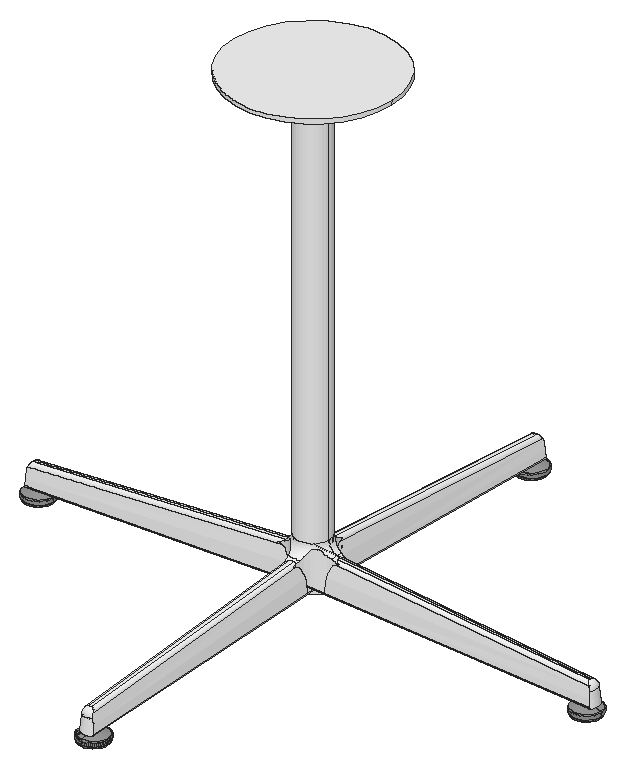
Revit family "FU_Table Base_Sandler_Elix 9-2", category Furniture, Revit 2020
Family settings
  OmniClass Number = 23.40.20.00
  OmniClass Title = General Furniture and Specialties
  Work Plane-Based = No
  Always vertical = Yes
  Cut with Voids When Loaded = No
  Shared = No
  Room Calculation Point = No
Parameters (values of type "Elix 9.2")
  Width = 880 mm
  URL = "https://www.sandlerseating.com/product/elix-9-2/"
  Model = "Elix 9.2"
  Manufacturer = "Sandler"
  Height = 730 mm
  Description = "Table base with central column in steel tube and 4 spoke base made of cast aluminum alloy. Height 73cm (28.7″)"
  Depth = 880 mm
  Default Elevation = 0 mm
  Base [instance] = Epoxy - M1_W01 - White
Reference planes
  plane 1 "Center (Front/Back)": y = 0
  plane 2: z = 0
  plane 3 "Center (Left/Right)": x = 0
  plane 4 "Right": x = -440
  plane 5 "Left": x = 440
  plane 6 "Back": y = 440
  plane 7 "Front": y = -440
  plane 8 "Height": z = 730
  plane 9 "Top Support Base FRONT": z = 724
  plane 10 "Column Base FRONT": z = 30
Forms (mm)
  Revolve 1, solid, material "Rubber, Black"
    sketch origin (0, 0, 0) x (1, 0, 0) y (0, 0, 1)
      loop
        line (410.594, 13.752) -> (395.25, 8.808)
        arc (395.25, 8.808) -> (394.744, 8.442) -> (394.55, 7.848) r 1.009
        line (394.55, 7.848) -> (394.55, 3.083) -> (395.363, 3.083) -> (395.363, 0.508)
        arc (395.363, 0.508) -> (395.512, 0.149) -> (395.872, 0) r 0.508
        line (395.872, 0) -> (416.86, 0) -> (416.86, 17.876) -> (413.727, 17.876) -> (413.727, 13.752) -> (410.594, 13.752)
      axis (416.86, 17.876) -> (416.86, 0)
    angle from 0 to 360
  SweptBlend 2, solid, material "Epoxy - M1_W01 - White" <- "Base"
    path origin (0, 0, 0) x (0, 1, 0) y (0, 0, 1)
      loop
        line (0, 30.809) -> (440, 13.61)
    profile "Pro_Elix_leg 01 : Pro_Elix_leg 01" origin (0, 0, 30.809) x (0, 0.039059, 0.999237) y (1, 0, 0)
      loop
        line (0, 10.812) -> (0, -10.831)
        arc (0, -10.831) -> (0.601, -12.24) -> (2.035, -12.78) r 1.951
        arc (2.035, -12.78) -> (24.003, -11.524) -> (45.777, -8.35) r 251.335
        arc (45.777, -8.35) -> (48.704, -6.451) -> (50.036, -3.226) r 5.871
        arc (50.036, -3.226) -> (50.226, 0) -> (50.036, 3.226) r 27.435
        arc (50.036, 3.226) -> (48.358, 6.831) -> (44.768, 8.541) r 5.871
        arc (44.768, 8.541) -> (23.494, 11.575) -> (2.038, 12.78) r 251.335
        arc (2.038, 12.78) -> (0.601, 12.229) -> (0, 10.812) r 1.97
    end profile "Pro_Elix_leg 02 : Pro_Elix_leg 02" origin (0, 440, 13.61) x (0, 0.039059, 0.999237) y (1, 0, 0)
      loop
        arc (2.027, 10.201) -> (0.598, 9.653) -> (0, 8.245) r 1.957
        line (0, 8.245) -> (0, -8.201)
        arc (0, -8.201) -> (0.611, -9.64) -> (2.071, -10.199) r 2
        arc (2.071, -10.199) -> (15.038, -9.327) -> (27.923, -7.64) r 206.561
        arc (27.923, -7.64) -> (31.401, -5.74) -> (32.922, -2.08) r 5.969
        arc (32.922, -2.08) -> (32.981, -0.031) -> (32.93, 2.02) r 38.231
        arc (32.93, 2.02) -> (31.402, 5.723) -> (27.889, 7.646) r 6.016
        arc (27.889, 7.646) -> (14.998, 9.331) -> (2.027, 10.201) r 206.561
  Sweep 3, void
    path origin (0, 0, 0) x (0, 1, 0) y (0, 0, 1)
      loop
        line (432.168, 12.166) -> (430.049, 36.382)
        arc (430.049, 36.382) -> (426.614, 44.752) -> (418.432, 48.611) r 12.5
    profile "Pro_edgeCut_20mm : Pro_edgeCut_20mm" origin (0, 431.109, 24.274) x (0, -0.996195, -0.087155) y (1, 0, 0)
      loop
        line (-19, 20) -> (-19, -20) -> (5.142, -14.142)
        arc (5.142, -14.142) -> (-0.716, 0) -> (5.142, 14.142) r 20
        line (5.142, 14.142) -> (-19, 20)
  Revolve 4, solid, material "Rubber, Black"
    sketch origin (0, 0, 0) x (-1, 0, 0) y (0, 0, 1)
      loop
        line (410.594, 13.752) -> (395.25, 8.808)
        arc (395.25, 8.808) -> (394.744, 8.442) -> (394.55, 7.848) r 1.009
        line (394.55, 7.848) -> (394.55, 3.083) -> (395.363, 3.083) -> (395.363, 0.508)
        arc (395.363, 0.508) -> (395.512, 0.149) -> (395.872, 0) r 0.508
        line (395.872, 0) -> (416.86, 0) -> (416.86, 17.876) -> (413.727, 17.876) -> (413.727, 13.752) -> (410.594, 13.752)
      axis (416.86, 17.876) -> (416.86, 0)
    angle from 0 to 360
  Revolve 5, solid, material "Rubber, Black"
    sketch origin (0, 0, 0) x (0, 1, 0) y (0, 0, 1)
      loop
        line (410.594, 13.752) -> (395.25, 8.808)
        arc (395.25, 8.808) -> (394.744, 8.442) -> (394.55, 7.848) r 1.009
        line (394.55, 7.848) -> (394.55, 3.083) -> (395.363, 3.083) -> (395.363, 0.508)
        arc (395.363, 0.508) -> (395.512, 0.149) -> (395.872, 0) r 0.508
        line (395.872, 0) -> (416.86, 0) -> (416.86, 17.876) -> (413.727, 17.876) -> (413.727, 13.752) -> (410.594, 13.752)
      axis (416.86, 17.876) -> (416.86, 0)
    angle from 0 to 360
  Revolve 6, solid, material "Rubber, Black"
    sketch origin (0, 0, 0) x (0, -1, 0) y (0, 0, -1)
      loop
        line (410.594, -13.752) -> (413.727, -13.752) -> (413.727, -17.876) -> (416.86, -17.876) -> (416.86, 0) -> (395.872, 0)
        arc (395.872, 0) -> (395.512, -0.149) -> (395.363, -0.508) r 0.508
        line (395.363, -0.508) -> (395.363, -3.083) -> (394.55, -3.083) -> (394.55, -7.848)
        arc (394.55, -7.848) -> (394.744, -8.442) -> (395.25, -8.808) r 1.009
        line (395.25, -8.808) -> (410.594, -13.752)
      axis (416.86, -17.876) -> (416.86, 0)
    angle from 0 to 360
  SweptBlend 7, solid, material "Epoxy - M1_W01 - White" <- "Base"
    path origin (-0.019, 0, 0) x (0.000042, -1, 0) y (0, 0, 1)
      loop
        line (0, 30.809) -> (440, 13.61)
    profile "Pro_Elix_leg 01 : Pro_Elix_leg 01" origin (-0.019, 0, 30.809) x (0.000002, -0.039059, 0.999237) y (-1, -0.000042, 0)
      loop
        line (0, 10.812) -> (0, -10.831)
        arc (0, -10.831) -> (0.601, -12.24) -> (2.035, -12.78) r 1.951
        arc (2.035, -12.78) -> (24.003, -11.524) -> (45.777, -8.35) r 251.335
        arc (45.777, -8.35) -> (48.704, -6.451) -> (50.036, -3.226) r 5.871
        arc (50.036, -3.226) -> (50.226, 0) -> (50.036, 3.226) r 27.435
        arc (50.036, 3.226) -> (48.358, 6.831) -> (44.768, 8.541) r 5.871
        arc (44.768, 8.541) -> (23.494, 11.575) -> (2.038, 12.78) r 251.335
        arc (2.038, 12.78) -> (0.601, 12.229) -> (0, 10.812) r 1.97
    end profile "Pro_Elix_leg 02 : Pro_Elix_leg 02" origin (-0.001, -440, 13.61) x (0.000002, -0.039059, 0.999237) y (-1, -0.000042, 0)
      loop
        arc (2.027, 10.201) -> (0.598, 9.653) -> (0, 8.245) r 1.957
        line (0, 8.245) -> (0, -8.201)
        arc (0, -8.201) -> (0.611, -9.64) -> (2.071, -10.199) r 2
        arc (2.071, -10.199) -> (15.038, -9.327) -> (27.923, -7.64) r 206.561
        arc (27.923, -7.64) -> (31.401, -5.74) -> (32.922, -2.08) r 5.969
        arc (32.922, -2.08) -> (32.981, -0.031) -> (32.93, 2.02) r 38.231
        arc (32.93, 2.02) -> (31.402, 5.723) -> (27.889, 7.646) r 6.016
        arc (27.889, 7.646) -> (14.998, 9.331) -> (2.027, 10.201) r 206.561
  Sweep 8, void
    path origin (-0.019, 0, 0) x (0.000042, -1, 0) y (0, 0, 1)
      loop
        line (432.168, 12.166) -> (430.049, 36.382)
        arc (430.049, 36.382) -> (426.614, 44.752) -> (418.432, 48.611) r 12.5
    profile "Pro_edgeCut_20mm : Pro_edgeCut_20mm" origin (-0.001, -431.109, 24.274) x (-0.000042, 0.996195, -0.087155) y (-1, -0.000042, 0)
      loop
        line (-19, 20) -> (-19, -20) -> (5.142, -14.142)
        arc (5.142, -14.142) -> (-0.716, 0) -> (5.142, 14.142) r 20
        line (5.142, 14.142) -> (-19, 20)
  Revolve 9, solid, material "Rubber, Black"
    sketch origin (-0.019, 0, 0) x (0.000042, -1, 0) y (0, 0, 1)
      loop
        line (410.594, 13.752) -> (395.25, 8.808)
        arc (395.25, 8.808) -> (394.744, 8.442) -> (394.55, 7.848) r 1.009
        line (394.55, 7.848) -> (394.55, 3.083) -> (395.363, 3.083) -> (395.363, 0.508)
        arc (395.363, 0.508) -> (395.512, 0.149) -> (395.872, 0) r 0.508
        line (395.872, 0) -> (416.86, 0) -> (416.86, 17.876) -> (413.727, 17.876) -> (413.727, 13.752) -> (410.594, 13.752)
      axis (416.86, 17.876) -> (416.86, 0)
    angle from 0 to 360
  SweptBlend 10, solid, material "Epoxy - M1_W01 - White" <- "Base"
    path origin (0, -0.001, 0) x (1, -0.000001, 0) y (0, 0, 1)
      loop
        line (0, 30.809) -> (440, 13.61)
    profile "Pro_Elix_leg 01 : Pro_Elix_leg 01" origin (0, -0.001, 30.809) x (0.039059, 0, 0.999237) y (-0.000001, -1, 0)
      loop
        line (0, 10.812) -> (0, -10.831)
        arc (0, -10.831) -> (0.601, -12.24) -> (2.035, -12.78) r 1.951
        arc (2.035, -12.78) -> (24.003, -11.524) -> (45.777, -8.35) r 251.335
        arc (45.777, -8.35) -> (48.704, -6.451) -> (50.036, -3.226) r 5.871
        arc (50.036, -3.226) -> (50.226, 0) -> (50.036, 3.226) r 27.435
        arc (50.036, 3.226) -> (48.358, 6.831) -> (44.768, 8.541) r 5.871
        arc (44.768, 8.541) -> (23.494, 11.575) -> (2.038, 12.78) r 251.335
        arc (2.038, 12.78) -> (0.601, 12.229) -> (0, 10.812) r 1.97
    end profile "Pro_Elix_leg 02 : Pro_Elix_leg 02" origin (440, -0.002, 13.61) x (0.039059, 0, 0.999237) y (-0.000001, -1, 0)
      loop
        arc (2.027, 10.201) -> (0.598, 9.653) -> (0, 8.245) r 1.957
        line (0, 8.245) -> (0, -8.201)
        arc (0, -8.201) -> (0.611, -9.64) -> (2.071, -10.199) r 2
        arc (2.071, -10.199) -> (15.038, -9.327) -> (27.923, -7.64) r 206.561
        arc (27.923, -7.64) -> (31.401, -5.74) -> (32.922, -2.08) r 5.969
        arc (32.922, -2.08) -> (32.981, -0.031) -> (32.93, 2.02) r 38.231
        arc (32.93, 2.02) -> (31.402, 5.723) -> (27.889, 7.646) r 6.016
        arc (27.889, 7.646) -> (14.998, 9.331) -> (2.027, 10.201) r 206.561
  Sweep 11, void
    path origin (0, -0.001, 0) x (1, -0.000001, 0) y (0, 0, 1)
      loop
        line (432.168, 12.166) -> (430.049, 36.382)
        arc (430.049, 36.382) -> (426.614, 44.752) -> (418.432, 48.611) r 12.5
    profile "Pro_edgeCut_20mm : Pro_edgeCut_20mm" origin (431.108, -0.002, 24.274) x (-0.996195, 0.000001, -0.087155) y (-0.000001, -1, 0)
      loop
        line (-19, 20) -> (-19, -20) -> (5.142, -14.142)
        arc (5.142, -14.142) -> (-0.716, 0) -> (5.142, 14.142) r 20
        line (5.142, 14.142) -> (-19, 20)
  SweptBlend 12, solid, material "Epoxy - M1_W01 - White" <- "Base"
    path origin (0, 0.018, 0) x (-1, -0.000041, 0) y (0, 0, 1)
      loop
        line (0, 30.809) -> (440, 13.61)
    profile "Pro_Elix_leg 01 : Pro_Elix_leg 01" origin (0, 0.018, 30.809) x (-0.039059, -0.000002, 0.999237) y (-0.000041, 1, 0)
      loop
        line (0, 10.812) -> (0, -10.831)
        arc (0, -10.831) -> (0.601, -12.24) -> (2.035, -12.78) r 1.951
        arc (2.035, -12.78) -> (24.003, -11.524) -> (45.777, -8.35) r 251.335
        arc (45.777, -8.35) -> (48.704, -6.451) -> (50.036, -3.226) r 5.871
        arc (50.036, -3.226) -> (50.226, 0) -> (50.036, 3.226) r 27.435
        arc (50.036, 3.226) -> (48.358, 6.831) -> (44.768, 8.541) r 5.871
        arc (44.768, 8.541) -> (23.494, 11.575) -> (2.038, 12.78) r 251.335
        arc (2.038, 12.78) -> (0.601, 12.229) -> (0, 10.812) r 1.97
    end profile "Pro_Elix_leg 02 : Pro_Elix_leg 02" origin (-440, 0, 13.61) x (-0.039059, -0.000002, 0.999237) y (-0.000041, 1, 0)
      loop
        arc (2.027, 10.201) -> (0.598, 9.653) -> (0, 8.245) r 1.957
        line (0, 8.245) -> (0, -8.201)
        arc (0, -8.201) -> (0.611, -9.64) -> (2.071, -10.199) r 2
        arc (2.071, -10.199) -> (15.038, -9.327) -> (27.923, -7.64) r 206.561
        arc (27.923, -7.64) -> (31.401, -5.74) -> (32.922, -2.08) r 5.969
        arc (32.922, -2.08) -> (32.981, -0.031) -> (32.93, 2.02) r 38.231
        arc (32.93, 2.02) -> (31.402, 5.723) -> (27.889, 7.646) r 6.016
        arc (27.889, 7.646) -> (14.998, 9.331) -> (2.027, 10.201) r 206.561
  Sweep 13, void
    path origin (0, 0.018, 0) x (-1, -0.000041, 0) y (0, 0, 1)
      loop
        line (432.168, 12.166) -> (430.049, 36.382)
        arc (430.049, 36.382) -> (426.614, 44.752) -> (418.432, 48.611) r 12.5
    profile "Pro_edgeCut_20mm : Pro_edgeCut_20mm" origin (-431.109, 0, 24.274) x (0.996195, 0.000041, -0.087155) y (-0.000041, 1, 0)
      loop
        line (-19, 20) -> (-19, -20) -> (5.142, -14.142)
        arc (5.142, -14.142) -> (-0.716, 0) -> (5.142, 14.142) r 20
        line (5.142, 14.142) -> (-19, 20)
  Revolve 14, void
    sketch origin (0, 0, 0) x (1, 0, 0) y (0, 0, 1)
      loop
        line (36.075, 79.65) -> (64.504, 65) -> (75.234, 65) -> (75.234, 117.419) -> (45.234, 117.419)
        arc (45.234, 117.419) -> (25.803, 102.136) -> (36.075, 79.65) r 19.995
      axis (0, 117.419) -> (0, 65)
    angle from 0 to 360
  Extrusion 15, solid, material "Epoxy - M1_W01 - White" <- "Base"
    sketch origin (0, 0, 0) x (1, 0, 0) y (0, 1, 0)
      loop
        arc (-43.388, 8) -> (-51.388, 0) -> (-43.388, -8) r 8
        arc (-43.388, -8) -> (-18.365, -18.365) -> (-8, -43.388) r 35.388
        arc (-8, -43.388) -> (0, -51.388) -> (8, -43.388) r 8
        arc (8, -43.388) -> (18.365, -18.365) -> (43.388, -8) r 35.388
        arc (43.388, -8) -> (51.388, 0) -> (43.388, 8) r 8
        arc (43.388, 8) -> (18.365, 18.365) -> (8, 43.388) r 35.388
        arc (8, 43.388) -> (0, 51.388) -> (-8, 43.388) r 8
        arc (-8, 43.388) -> (-18.365, 18.365) -> (-43.388, 8) r 35.388
    from 30.809 to 97.929
  Extrusion 16, solid, material "Epoxy - M1_W01 - White" <- "Base"
    sketch origin (0, 0, 0) x (1, 0, 0) y (0, 1, 0)
      loop
        circle (-0.01, 0) r 25
    from 30 to 724
  Extrusion 17, solid, material "Epoxy - M1_W01 - White" <- "Base"
    sketch origin (0, 0, 724) x (-1, 0, 0) y (0, -1, 0)
      loop
        circle (0.01, 0) r 120
    from 0 to 6
Cuts and joins
  Sweep 3, Sweep 8, Sweep 11 cuts SweptBlend 2
  Sweep 8, Sweep 13 cuts SweptBlend 7
  Sweep 11 cuts SweptBlend 10
  Sweep 13 cuts SweptBlend 12
  Revolve 14 cuts Extrusion 15
Dimensions and locks
  equal spacing: plane 4 "Right", plane 3 "Center (Left/Right)", plane 5 "Left"
  "Width": plane 4 "Right" to plane 5 "Left"
  equal spacing: plane 6 "Back", plane 1 "Center (Front/Back)", plane 7 "Front"
  "Depth": plane 6 "Back" to plane 7 "Front"
  "Height": plane 8 "Height" to level
  locked: plane 8 "Height" to plane 9 "Top Support Base FRONT" at 6
  locked: plane 10 "Column Base FRONT" to level at 30
  aligned and locked: level to plane 2
  aligned and locked: Extrusion 16 to plane 10 "Column Base FRONT"
  aligned and locked: plane 9 "Top Support Base FRONT" to Extrusion 16
  aligned and locked: Extrusion 17 to plane 9 "Top Support Base FRONT"
  aligned and locked: plane 8 "Height" to Extrusion 17
Automatic sketch dimensions
  Revolve 1 sketch curve to level = 0 mm  (x2)
  level to Revolve 1 sketch curve = 3.083 mm
  plane 5 "Left" to Revolve 1 sketch curve = 45.45 mm
  level to Revolve 1 sketch curve = 8.808 mm
  Revolve 1 sketch curve to Revolve 1 sketch curve = 0.7 mm
  level to Revolve 1 sketch curve = 0.508 mm
  Revolve 1 sketch curve to Revolve 1 sketch curve = 0.813 mm
  Revolve 1 sketch curve to Revolve 1 sketch curve = 1.009 mm
  level to Revolve 1 sketch curve = 13.752 mm
  Revolve 1 sketch curve to Revolve 1 sketch curve = 15.344 mm
  Revolve 1 sketch curve to Revolve 1 sketch curve = 3.133 mm  (x2)
  Revolve 1 sketch curve to Revolve 1 sketch curve = 4.124 mm
  Revolve 1 sketch curve to Revolve 1 sketch curve = 0 mm  (x2)
  SweptBlend 2 sketch curve to plane 1 "Center (Front/Back)" = 0 mm
  SweptBlend 2 sketch curve to plane 6 "Back" = 0 mm
  level to SweptBlend 2 sketch curve = 13.61 mm
  level to SweptBlend 2 sketch curve = 30.809 mm
  Sweep 3 sketch curve to plane 6 "Back" = 22.448 mm
  Sweep 3 sketch curve to plane 6 "Back" = 9.951 mm
  level to Sweep 3 sketch curve = 36.142 mm
  Sweep 3 sketch curve to Sweep 3 sketch curve = 0.239 mm
  Sweep 3 sketch curve to Sweep 3 sketch curve = 0.88 mm
  Sweep 3 sketch curve to plane 6 "Back" = 7.832 mm
  level to Sweep 3 sketch curve = 12.166 mm
  Revolve 4 sketch curve to level = 0 mm  (x2)
  Revolve 4 sketch curve to level = 3.083 mm
  plane 4 "Right" to Revolve 4 sketch curve = 45.45 mm
  Revolve 4 sketch curve to level = 8.808 mm
  Revolve 4 sketch curve to Revolve 4 sketch curve = 0.7 mm
  Revolve 4 sketch curve to level = 0.508 mm
  Revolve 4 sketch curve to Revolve 4 sketch curve = 0.813 mm
  Revolve 4 sketch curve to Revolve 4 sketch curve = 1.009 mm
  Revolve 4 sketch curve to level = 13.752 mm
  Revolve 4 sketch curve to Revolve 4 sketch curve = 15.344 mm
  Revolve 4 sketch curve to Revolve 4 sketch curve = 3.133 mm  (x2)
  Revolve 4 sketch curve to Revolve 4 sketch curve = 4.124 mm
  Revolve 4 sketch curve to Revolve 4 sketch curve = 0 mm  (x2)
  Revolve 5 sketch curve to level = 0 mm  (x2)
  level to Revolve 5 sketch curve = 3.083 mm
  Revolve 5 sketch curve to plane 6 "Back" = 45.45 mm
  level to Revolve 5 sketch curve = 8.808 mm
  Revolve 5 sketch curve to Revolve 5 sketch curve = 0.7 mm
  level to Revolve 5 sketch curve = 0.508 mm
  Revolve 5 sketch curve to Revolve 5 sketch curve = 0.813 mm
  Revolve 5 sketch curve to Revolve 5 sketch curve = 1.009 mm
  level to Revolve 5 sketch curve = 13.752 mm
  Revolve 5 sketch curve to Revolve 5 sketch curve = 15.344 mm
  Revolve 5 sketch curve to Revolve 5 sketch curve = 3.133 mm  (x2)
  Revolve 5 sketch curve to Revolve 5 sketch curve = 4.124 mm
  Revolve 5 sketch curve to Revolve 5 sketch curve = 0 mm  (x2)
  Revolve 6 sketch curve to level = 0 mm  (x2)
  level to Revolve 6 sketch curve = 3.083 mm
  plane 7 "Front" to Revolve 6 sketch curve = 45.45 mm
  level to Revolve 6 sketch curve = 8.808 mm
  Revolve 6 sketch curve to Revolve 6 sketch curve = 0.7 mm
  level to Revolve 6 sketch curve = 0.508 mm
  Revolve 6 sketch curve to Revolve 6 sketch curve = 0.813 mm
  Revolve 6 sketch curve to Revolve 6 sketch curve = 1.009 mm
  level to Revolve 6 sketch curve = 13.752 mm
  Revolve 6 sketch curve to Revolve 6 sketch curve = 15.344 mm
  Revolve 6 sketch curve to Revolve 6 sketch curve = 3.133 mm  (x2)
  Revolve 6 sketch curve to Revolve 6 sketch curve = 4.124 mm
  Revolve 6 sketch curve to Revolve 6 sketch curve = 0 mm  (x2)
  level to SweptBlend 7 sketch curve = 30.809 mm
  level to SweptBlend 7 sketch curve = 13.61 mm
  SweptBlend 7 sketch curve to SweptBlend 7 sketch curve = 440 mm
  level to Sweep 8 sketch curve = 36.142 mm
  level to Sweep 8 sketch curve = 36.382 mm
  Sweep 8 sketch curve to Sweep 8 sketch curve = 12.498 mm
  Sweep 8 sketch curve to Sweep 8 sketch curve = 0.88 mm
  level to Sweep 8 sketch curve = 12.166 mm
  Sweep 8 sketch curve to Sweep 8 sketch curve = 2.119 mm
  Revolve 9 sketch curve to level = 0 mm  (x2)
  level to Revolve 9 sketch curve = 3.083 mm
  level to Revolve 9 sketch curve = 8.808 mm
  Revolve 9 sketch curve to Revolve 9 sketch curve = 0.7 mm
  level to Revolve 9 sketch curve = 0.508 mm
  Revolve 9 sketch curve to Revolve 9 sketch curve = 0.813 mm
  Revolve 9 sketch curve to Revolve 9 sketch curve = 1.009 mm
  level to Revolve 9 sketch curve = 13.752 mm
  Revolve 9 sketch curve to Revolve 9 sketch curve = 15.344 mm
  Revolve 9 sketch curve to Revolve 9 sketch curve = 3.133 mm  (x2)
  Revolve 9 sketch curve to Revolve 9 sketch curve = 4.124 mm
  Revolve 9 sketch curve to Revolve 9 sketch curve = 0 mm  (x2)
  level to SweptBlend 10 sketch curve = 30.809 mm
  level to SweptBlend 10 sketch curve = 13.61 mm
  SweptBlend 10 sketch curve to SweptBlend 10 sketch curve = 440 mm
  level to Sweep 11 sketch curve = 36.142 mm
  level to Sweep 11 sketch curve = 36.382 mm
  Sweep 11 sketch curve to Sweep 11 sketch curve = 12.498 mm
  Sweep 11 sketch curve to Sweep 11 sketch curve = 0.88 mm
  level to Sweep 11 sketch curve = 12.166 mm
  Sweep 11 sketch curve to Sweep 11 sketch curve = 2.119 mm
  level to SweptBlend 12 sketch curve = 30.809 mm
  level to SweptBlend 12 sketch curve = 13.61 mm
  SweptBlend 12 sketch curve to SweptBlend 12 sketch curve = 440 mm
  level to Sweep 13 sketch curve = 36.142 mm
  level to Sweep 13 sketch curve = 36.382 mm
  Sweep 13 sketch curve to Sweep 13 sketch curve = 12.498 mm
  Sweep 13 sketch curve to Sweep 13 sketch curve = 0.88 mm
  level to Sweep 13 sketch curve = 12.166 mm
  Sweep 13 sketch curve to Sweep 13 sketch curve = 2.119 mm
  Revolve 14 sketch curve to plane 3 "Center (Left/Right)" = 0 mm
  plane 3 "Center (Left/Right)" to Revolve 14 sketch curve = 45.234 mm
  Revolve 14 sketch curve to Revolve 14 sketch curve = 30 mm
  level to Revolve 14 sketch curve = 97.424 mm
  Revolve 14 sketch curve to Revolve 14 sketch curve = 19.995 mm
  Revolve 14 sketch curve to Revolve 14 sketch curve = 9.159 mm
  Revolve 14 sketch curve to Revolve 14 sketch curve = 10.73 mm
  Revolve 14 sketch curve to Revolve 14 sketch curve = 14.65 mm  (x2)
  Revolve 14 sketch curve to Revolve 14 sketch curve = 17.581 mm
  Extrusion 15 sketch curve to plane 1 "Center (Front/Back)" = 0 mm  (x2)
  Extrusion 15 sketch curve to Extrusion 15 sketch curve = 0 mm  (x8)
  Extrusion 15 sketch curve to plane 3 "Center (Left/Right)" = 0 mm  (x2)
  plane 3 "Center (Left/Right)" to Extrusion 15 sketch curve = 43.388 mm
  Extrusion 15 sketch curve to Extrusion 15 sketch curve = 43.388 mm
  Extrusion 15 sketch curve to Extrusion 15 sketch curve = 8 mm  (x2)
  plane 1 "Center (Front/Back)" to Extrusion 16 sketch curve = 0 mm
  Extrusion 16 sketch curve to plane 3 "Center (Left/Right)" = 0.01 mm
  plane 1 "Center (Front/Back)" to Extrusion 17 sketch curve = 0 mm
  Extrusion 17 sketch curve to plane 3 "Center (Left/Right)" = 0.01 mm
  radius of Extrusion 16 sketch curve = 25 mm
  radius of Extrusion 17 sketch curve = 120 mm
